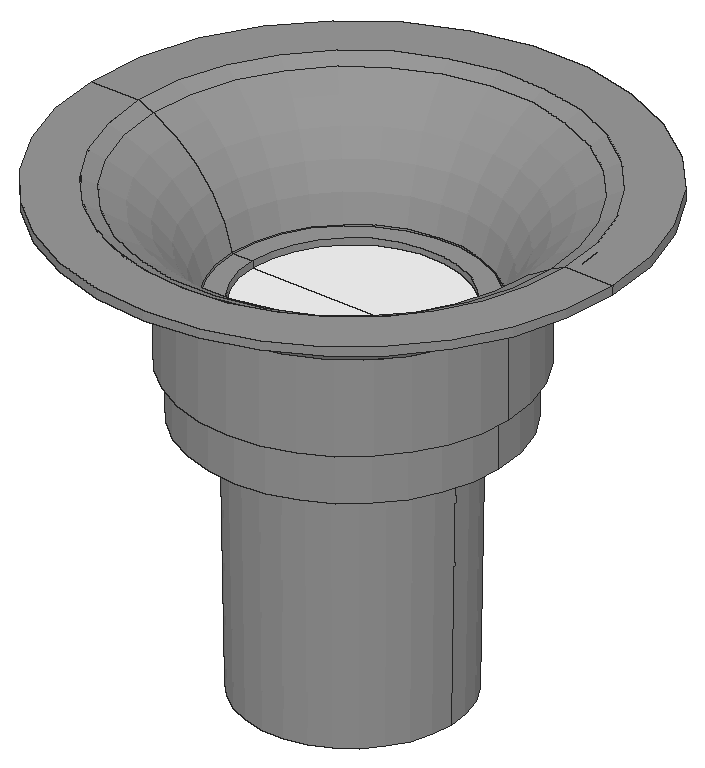
Revit family "0005314", category Lighting Fixtures, host Face, Revit 2017
Family settings
  Host = Face
  Round Connector Dimension = Use Diameter
  Part Type = Normal
  OmniClass Number = 23.80.70.00
  OmniClass Title = Lighting
  Cut with Voids When Loaded = No
  Light Source = No
  Shared = No
  Room Calculation Point = No
Parameters (values of type "0005314+0005306 Ludospot 50 Hous Rnd Deco 110 Tilt WHT + Ludospot 50 940lm 940 WB DIM")
  Weight = "n/a"
  Wattage Comments = ""
  WarrantyStartDate [instance] = "n/a"
  WarrantyGuarantorParts = "n/a"
  WarrantyDurationUnit = "n/a"
  WarrantyDurationParts = "n/a"
  WarrantyDescription = "n/a"
  WallThickness_SYL = 2 mm
  Voltage = 0 V
  VerticalRotation_SYL [instance] = 0.00°
  URL = "http://www.sylvania-lighting.com"
  TypeName = "Ludospot 50 Hous Rnd 90 Fixed IP44 WHT + Ludospot 50 940lm 940 WB DIM"
  TypeLamp_SYL = Ludospot 50 Modules : 0005306 Ludospot 50 940lm 940 WB DIM
  Type Image = <None>
  Type Comments = "n/a"
  TrimWidth_SYL = 55 mm
  TrimHeight_SYL = 1.8 mm
  SerialNumber [instance] = "n/a"
  RecessWidth_SYL = 45 mm
  RecessDepth_SYL = 100 mm
  RadiusReflector_SYL = 30.046 mm
  Material_3_SYL = none
  PowerFactor = 0
  PowerConsumption = "n/a"
  NominalLength = 110 mm
  NominalHeight = 0 mm
  NominalDepth = 110 mm
  Name = "Ludospot 50 Hous Rnd 90 Fixed IP44 WHT + Ludospot 50 940lm 940 WB DIM"
  ModelReference = Name  # "Ludospot 50 Hous Rnd 90 Fixed IP44 WHT + Ludospot 50 940lm 940 WB DIM"
  ModelNumber = "0005314+0005306"
  Model = Name  # "Ludospot 50 Hous Rnd 90 Fixed IP44 WHT + Ludospot 50 940lm 940 WB DIM"
  Material = "aluminium housing"
  ManufacturerName = "Feilo Sylvania"
  Manufacturer = "Feilo Sylvania"
  LuminousEfficacy = "78 lm/W"
  LuminaireType = ""
  LightOutputRatio = "n/a"
  LampsType = Lamp  # "LED"
  LampNominalLuminous = "940 lm"
  LampMacAdamStep = "3"
  LampColourTemperature = "4000 K"
  LampColourRenderingIndex = "90"
  Lamp = "LED"
  Keynote = "16500"
  InstallationDate [instance] = "n/a"
  InputVoltage = "220-240 V AC"
  InputNominalFrequency = "50/60 HZ"
  IngressProtection = "IP20"
  ImpactProtectionIndex = "IK03"
  IfcExportType = "IfcLightFixtureType"
  IfcExportAs = "IfcLightFixtureType"
  HorizontalRotation_SYL [instance] = 0.00°
  EndAngleH_SYL [instance] = HorizontalRotation_SYL + 180.00°  # 180.00°
  ElectricShockClassification = "Class II"
  DocumentationLiterature = "http://www.sylvania-lighting.com/product/en-int/products/0005314"
  DimmingControlOptions = "n/a"
  Material_2_SYL = none
  Description = ""
  Default Elevation = 1219.2 mm
  CreatedOn = "7/29/2019"
  CreatedBy = "@sylvania-lighting.com"
  Cost = 0
  built-in parameter 1114216 [instance] = (empty or 0)
  ClassificationValue = "EF_70_80"
  ClassificationName = "Uniclass2015"
  Material_1_SYL = PC/ABS Plastic
  CircularCutOutDia_SYL = 38.5 mm
  BarCode [instance] = "n/a"
  AssetType = "Fixed"
  AssetIdentifier [instance] = "n/a"
  Assembly Code = "D5020200"
  Apparent Load = 0 VA
  Material_4_SYL = none
Types (6, lengths in mm): name | TypeName | TypeLamp_SYL | Name | ModelReference | ModelNumber | Model | LuminousEfficacy | LampNominalLuminous | LampColourTemperature
  0005314+0005306 Ludospot 50 Hous Rnd Deco 110 Tilt WHT + Ludospot 50 940lm 940 WB DIM | "Ludospot 50 Hous Rnd 90 Fixed IP44 WHT + Ludospot 50 940lm 940 WB DIM" | Ludospot 50 Modules : 0005306 Ludospot 50 940lm 940 WB DIM | "Ludospot 50 Hous Rnd 90 Fixed IP44 WHT + Ludospot 50 940lm 940 WB DIM" | "Ludospot 50 Hous Rnd 90 Fixed IP44 WHT + Ludospot 50 940lm 940 WB DIM" | "0005314+0005306" | "Ludospot 50 Hous Rnd 90 Fixed IP44 WHT + Ludospot 50 940lm 940 WB DIM" | "78 lm/W" | "940 lm" | "4000 K"
  0005314+0005305 Ludospot 50 Hous Rnd Deco 110 Tilt WHT + Ludospot 50 920lm 930 WB DIM | "Ludospot 50 Hous Rnd 90 Fixed IP44 WHT + Ludospot 50 920lm 930 WB DIM" | Ludospot 50 Modules : 0005305 Ludospot 50 920lm 940 WB DIM | "Ludospot 50 Hous Rnd 90 Fixed IP44 WHT + Ludospot 50 920lm 930 WB DIM" | "Ludospot 50 Hous Rnd 90 Fixed IP44 WHT + Ludospot 50 920lm 930 WB DIM" | "0005314+0005305" | "Ludospot 50 Hous Rnd 90 Fixed IP44 WHT + Ludospot 50 920lm 930 WB DIM" | "77 lm/W" | "920 lm" | "3000 K"
  0005314+0005304 Ludospot 50 Hous Rnd Deco 110 Tilt WHT + Ludospot 50 1000lm 940 MB DIM | "Ludospot 50 Hous Rnd 90 Fixed IP44 WHT + Ludospot 50 1000lm 940 MB DIM" | Ludospot 50 Modules : 0005304 Ludospot 50 1000lm 940 MB DIM | "Ludospot 50 Hous Rnd 90 Fixed IP44 WHT + Ludospot 50 1000lm 940 MB DIM" | "Ludospot 50 Hous Rnd 90 Fixed IP44 WHT + Ludospot 50 1000lm 940 MB DIM" | "0005314+0005304" | "Ludospot 50 Hous Rnd 90 Fixed IP44 WHT + Ludospot 50 1000lm 940 MB DIM" | "83 lm/W" | "950 lm" | "4000 K"
  0005314+0005303 Ludospot 50 Hous Rnd Deco 110 Tilt WHT + Ludospot 50 950lm 930 MB DIM | "Ludospot 50 Hous Rnd 90 Fixed IP44 WHT + Ludospot 50 950lm 930 MB DIM" | Ludospot 50 Modules : 0005303 Ludospot 50 950lm 930 MB DIM | "Ludospot 50 Hous Rnd 90 Fixed IP44 WHT + Ludospot 50 950lm 930 MB DIM" | "Ludospot 50 Hous Rnd 90 Fixed IP44 WHT + Ludospot 50 950lm 930 MB DIM" | "0005314+0005303" | "Ludospot 50 Hous Rnd 90 Fixed IP44 WHT + Ludospot 50 950lm 930 MB DIM" | "80 lm/W" | "1000 lm" | "3000 K"
  0005314+0005302 Ludospot 50 Hous Rnd Deco 110 Tilt WHT + Ludospot 50 990lm 940 NB DIM | "Ludospot 50 Hous Rnd 90 Fixed IP44 WHT + Ludospot 50 990lm 940 NB DIM" | Ludospot 50 Modules : 0005302 Ludospot 50 990lm 930 NB DIM | "Ludospot 50 Hous Rnd 90 Fixed IP44 WHT + Ludospot 50 990lm 940 NB DIM" | "Ludospot 50 Hous Rnd 90 Fixed IP44 WHT + Ludospot 50 990lm 940 NB DIM" | "0005314+0005302" | "Ludospot 50 Hous Rnd 90 Fixed IP44 WHT + Ludospot 50 990lm 940 NB DIM" | "83 lm/W" | "990 lm" | "4000 K"
  0005314+0005301 Ludospot 50 Hous Rnd Deco 110 Tilt WHT + Ludospot 50 950lm 930 NB DIM | "Ludospot 50 Hous Rnd 90 Fixed IP44 WHT + Ludospot 50 950lm 930 NB DIM" | Ludospot 50 Modules : 0005301 Ludospot 50 950lm 930 NB DIM | "Ludospot 50 Hous Rnd 90 Fixed IP44 WHT + Ludospot 50 950lm 930 NB DIM" | "Ludospot 50 Hous Rnd 90 Fixed IP44 WHT + Ludospot 50 950lm 930 NB DIM" | "0005314+0005301" | "Ludospot 50 Hous Rnd 90 Fixed IP44 WHT + Ludospot 50 950lm 930 NB DIM" | "80 lm/W" | "950 lm" | "3000 K"
Reference planes
  plane 1 "Center (Front/Back)": y = 0
  plane 2: z = 0
  plane 3 "Center (Left/Right)": x = 0
  plane 4: z = -100
  plane 5: x = -55
  plane 6: z = 1.8
  plane 7: x = -45
  plane 8: z = 0.4
  plane 9: x = -42
  plane 10: z = -20.2
  plane 11: x = -25.4
  plane 12: z = -31.3
  plane 13: x = -33
  plane 14: z = -13
  plane 15: x = -31
  plane 16: z = -41.3
  plane 17: z = -34
Forms (mm)
  Extrusion 1, void
    sketch origin (0, 0, 0) x (1, 0, 0) y (0, 1, 0)
      loop
        circle (0, 0) r 45
    from 0 to -100
  Revolve 2, solid, material "PC/ABS Plastic" <- "Material_1_SYL"
    sketch origin (0, 0, 0) x (1, 0, 0) y (0, 0, 1)
      loop
        line (-55, 1.8) -> (-55, 0) -> (-45, 0) -> (-33, -13) -> (-33, -31.3) -> (-31, -31.3) -> (-31, -41.3) -> (-25.4, -41.3) -> (-25.4, -20.2)
        arc (-25.4, -20.2) -> (-31.311, -7.975) -> (-42, 0.4) r 30.046
        line (-42, 0.4) -> (-45, 1.8) -> (-55, 1.8)
      axis (0, 1.8) -> (0, -41.3)
    angle from 360 to 0
  Revolve 3, solid, not visible
    sketch origin (0, 0, 0) x (1, 0, 0) y (0, 0, 1)
      loop
        line (0, -34) -> (-5, -34) -> (-5, -44) -> (0, -44) -> (0, -34)
      axis (0, -34) -> (0, -44)
    angle from 0 <- "HorizontalRotation_SYL" to 180 <- "EndAngleH_SYL"
Lines and regions (mm)
  reference lines
    curve 1: circle (0, 0, 0) r 45 normal (0, 0, -1)
Dimensions and locks
  "RecessDepth_SYL": plane 2 to plane 4
  equal spacing: host sketch curve, plane 1 "Center (Front/Back)", host sketch curve
  equal spacing: host sketch curve, plane 3 "Center (Left/Right)", host sketch curve
  "TrimHeight_SYL": plane 6 to plane 2
  "TrimWidth_SYL": plane 3 "Center (Left/Right)" to plane 5
  locked: plane 3 "Center (Left/Right)" to plane 7 at 45
  locked: plane 6 to plane 8 at 1.4
  locked: plane 3 "Center (Left/Right)" to plane 9 at 42
  locked: plane 6 to plane 10 at 22
  locked: plane 3 "Center (Left/Right)" to plane 11 at 25.4
  locked: plane 6 to plane 12 at 33.1
  locked: plane 3 "Center (Left/Right)" to plane 13 at 33
  locked: plane 2 to plane 14 at 13
  locked: plane 3 "Center (Left/Right)" to plane 15 at 31
  locked: plane 12 to plane 16 at 10
  locked: plane 2 to plane 17 at 34
  "RecessWidth_SYL": radius of curve 1
  "RadiusReflector_SYL": radius of Revolve 2 sketch curve
  aligned and locked: plane 2 to host face
  aligned and locked: level to host face
  aligned and locked: level to Extrusion 1
  aligned and locked: plane 4 to Extrusion 1
  aligned and locked: plane 2 to Extrusion 1
  aligned and locked: plane 3 "Center (Left/Right)" to curve 1
  aligned and locked: plane 1 "Center (Front/Back)" to curve 1
  aligned and locked: Extrusion 1 sketch curve to curve 1
  aligned and locked: Revolve 2 sketch curve to plane 3 "Center (Left/Right)"
  aligned and locked: plane 5 to Revolve 2 sketch curve
  aligned and locked: plane 6 to Revolve 2 sketch curve
  aligned and locked: plane 8 to Revolve 2 sketch curve
  aligned and locked: plane 11 to Revolve 2 sketch curve
  aligned and locked: Revolve 2 sketch curve to level
  aligned and locked: plane 13 to Revolve 2 sketch curve
  aligned and locked: plane 14 to Revolve 2 sketch curve
  aligned and locked: plane 12 to Revolve 2 sketch curve
  aligned and locked: Revolve 2 sketch curve to plane 15
  aligned and locked: plane 16 to Revolve 2 sketch curve
  aligned and locked: Revolve 3 sketch curve to plane 3 "Center (Left/Right)"
  aligned and locked: Revolve 3 sketch curve to plane 17
  aligned and locked: plane 3 "Center (Left/Right)" to Revolve 3 sketch curve
Automatic sketch dimensions
  Revolve 3 sketch curve to Revolve 3 sketch curve = 5 mm
  plane 16 to Revolve 3 sketch curve = 2.7 mm
  plane 4 to Revolve 3 sketch curve = 509.6 mm
  Revolve 3 sketch curve to plane 6 = 2607.258 mm
  Revolve 2 sketch curve to plane 7 = 0 mm  (x2)
  Revolve 2 sketch curve to plane 9 = 0 mm
  plane 4 to Revolve 2 sketch curve = 509.6 mm
  Revolve 2 sketch curve to plane 6 = 2607.258 mm
Nested families
  nested 1: "VerticalRotation" at (0, 0, -20.2) x (-1, 0, 0) z (0, -1, 0), VerticalRotation_SYL <- "VerticalRotation_SYL", type "Type Name", not visible
    with VerticalRotation_SYL 0.00°, EndAngleV_SYL 180.00°
  nested 2: "Ludospot 50 Modules" at (0, 0, -20.2), type <- "TypeLamp_SYL", type "0005306 Ludospot 50 940lm 940 WB DIM"
    with WarrantyStartDate "n/a", SerialNumber "n/a", InstallationDate "n/a", built-in parameter 1114216 (empty or 0), BarCode "n/a", AssetIdentifier "n/a"
Definition of nested family "Ludospot 50 Modules"
  Parameters (values of type "0005305 Ludospot 50 920lm 940 WB DIM")
    Weight = ""
    Wattage Comments = ""
    Wattage = 12 W
    WarrantyStartDate [instance] = "n/a"
    WarrantyGuarantorParts = "n/a"
    WarrantyDurationUnit = "n/a"
    WarrantyDurationParts = "n/a"
    WarrantyDescription = "n/a"
    built-in parameter 1150110 = 1 (stored number, unit not read)
    Voltage = 220 V
    URL = "http://www.sylvania-lighting.com"
    TypeName = "Ludospot 50 920lm 940 WB DIM"
    Type Image = (empty or 0)
    Type Comments = "n/a"
    built-in parameter 1114217 = 1 (stored number, unit not read)
    Tilt Angle = -90.00°
    built-in parameter 1150109 = 1 (stored number, unit not read)
    built-in parameter 1150134 = (empty or 0)
    built-in parameter 1150113 = 1 (stored number, unit not read)
    SerialNumber [instance] = "n/a"
    Photometric Web File = "0005305.ies"
    Material_3_SYL = none
    PowerFactor = 0.9
    PowerConsumption = "12 W"
    NominalLength = 50 mm
    NominalHeight = 73 mm
    NominalDepth = 50 mm
    Name = "0005305 Ludospot 50 920lm 940 WB DIM"
    ModelReference = Name  # "0005305 Ludospot 50 920lm 940 WB DIM"
    ModelNumber = "0005305"
    Model = Name  # "0005305 Ludospot 50 920lm 940 WB DIM"
    Material = "aluminium housing"
    ManufacturerName = "Feilo Sylvania"
    Manufacturer = "Feilo Sylvania"
    LuminousEfficacy = "77 lm/W"
    built-in parameter 1150105 = 73.53 (stored number, unit not read)
    Lumens = 924 lm
    LuminaireType = ""
    built-in parameter 1150115 = 1 (stored number, unit not read)
    LightOutputRatio = ""
    built-in parameter 1150137 = (empty or 0)
    built-in parameter 1150139 = (empty or 0)
    LampsType = Lamp  # "LED"
    LampNominalLuminous = "920 lm"
    LampMacAdamStep = "3"
    LampColourTemperature = "3000 K"
    LampColourRenderingIndex = "90"
    built-in parameter 1150112 = 1 (stored number, unit not read)
    built-in parameter 1150114 = 1 (stored number, unit not read)
    Lamp = "LED"
    Keynote = "16500"
    InstallationDate [instance] = "n/a"
    InputVoltage = "220-240 V AC"
    InputNominalFrequency = "50/60 HZ"
    built-in parameter 1150132 = (empty or 0)
    built-in parameter 1150102 = (empty or 0)
    built-in parameter 1150107 = 3000 (stored number, unit not read)
    built-in parameter 1150138 = (empty or 0)
    IngressProtection = "IP44/20"
    ImpactProtectionIndex = "IK07"
    built-in parameter 1150106 = 0.7353 (stored number, unit not read)
    IfcExportType = "IfcLightFixtureType"
    IfcExportAs = "IfcLightFixtureType"
    Emit from Circle Diameter = 40 mm
    Emit Shape Visible in Rendering = no
    ElectricShockClassification = "Class II"
    built-in parameter 1150104 = 7.1535 (stored number, unit not read)
    DocumentationLiterature = "https://www.sylvania-lighting.com/product/en-int/products/0005305/"
    DimmingControlOptions = "Mains: leading / trailing edge"
    Material_2_SYL = none
    Dimming Lamp Color Temperature Shift = (empty or 0)
    Description = ""
    Default Elevation = 1219.2 mm
    CreatedOn = ""
    CreatedBy = ""
    Cost = 0
    Color Filter = 16777215
    built-in parameter 1114216 [instance] = (empty or 0)
    ClassificationValue = "EF_70_80"
    ClassificationName = "Uniclass2015"
    Material_1_SYL = none
    BarCode [instance] = "n/a"
    built-in parameter 1114218 = 1 (stored number, unit not read)
    built-in parameter 1150133 = 10 (stored number, unit not read)
    AssetType = ""
    AssetIdentifier [instance] = "n/a"
    Assembly Code = "D5020200"
    Apparent Load = 12 VA
    Material_4_SYL = none
  Types (6, lengths in mm): name | TypeName | built-in parameter 1150134 | Photometric Web File | Name | ModelReference | ModelNumber | Model | LuminousEfficacy | built-in parameter 1150105 | Lumens | LampNominalLuminous | LampColourTemperature | built-in parameter 1150107 | ImpactProtectionIndex | built-in parameter 1150106 | built-in parameter 1150104 | DocumentationLiterature
    0005305 Ludospot 50 920lm 940 WB DIM | "Ludospot 50 920lm 940 WB DIM" | (empty or 0) | "0005305.ies" | "0005305 Ludospot 50 920lm 940 WB DIM" | "0005305 Ludospot 50 920lm 940 WB DIM" | "0005305" | "0005305 Ludospot 50 920lm 940 WB DIM" | "77 lm/W" | 73.53 (stored number, unit not read) | 924 lm | "920 lm" | "3000 K" | 3000 (stored number, unit not read) | "IK07" | 0.7353 (stored number, unit not read) | 7.1535 (stored number, unit not read) | "https://www.sylvania-lighting.com/product/en-int/products/0005305/"
    0005304 Ludospot 50 1000lm 940 MB DIM | "Ludospot 50 1000lm 940 MB DIM" | 12 | "0005304.ies" | "0005304 Ludospot 50 1000lm 940 MB DIM" | "0005304 Ludospot 50 1000lm 940 MB DIM" | "0005304" | "0005304 Ludospot 50 1000lm 940 MB DIM" | "83 lm/W" | 79.259 (stored number, unit not read) | 996 lm | "950 lm" | "4000 K" | 4000 (stored number, unit not read) | "IK06" | 0.79259 (stored number, unit not read) | 7.711 (stored number, unit not read) | "https://www.sylvania-lighting.com/product/en-int/products/0005304/"
    0005303 Ludospot 50 950lm 930 MB DIM | "Ludospot 50 950lm 930 MB DIM" | (empty or 0) | "0005303.ies" | "0005303 Ludospot 50 950lm 930 MB DIM" | "0005303 Ludospot 50 950lm 930 MB DIM" | "0005303" | "0005303 Ludospot 50 950lm 930 MB DIM" | "80 lm/W" | 76.394 (stored number, unit not read) | 960 lm | "1000 lm" | "3000 K" | 3000 (stored number, unit not read) | "IK05" | 0.76394 (stored number, unit not read) | 7.4322 (stored number, unit not read) | "https://www.sylvania-lighting.com/product/en-int/products/0005303/"
    0005302 Ludospot 50 990lm 930 NB DIM | "Ludospot 50 990lm 930 NB DIM" | 12 | "0005302.ies" | "0005302 Ludospot 50 990lm 930 NB DIM" | "0005302 Ludospot 50 990lm 930 NB DIM" | "0005302" | "0005302 Ludospot 50 990lm 930 NB DIM" | "83 lm/W" | 79.259 (stored number, unit not read) | 996 lm | "990 lm" | "4000 K" | 4000 (stored number, unit not read) | "IK04" | 0.79259 (stored number, unit not read) | 7.711 (stored number, unit not read) | "https://www.sylvania-lighting.com/product/en-int/products/0005302/"
    0005301 Ludospot 50 950lm 930 NB DIM | "Ludospot 50 950lm 930 NB DIM" | (empty or 0) | "0005301.ies" | "0005301 Ludospot 50 950lm 930 NB DIM" | "0005301 Ludospot 50 950lm 930 NB DIM" | "0005301" | "0005301 Ludospot 50 950lm 930 NB DIM" | "80 lm/W" | 76.394 (stored number, unit not read) | 960 lm | "950 lm" | "3000 K" | 3000 (stored number, unit not read) | "IK03" | 0.76394 (stored number, unit not read) | 7.4322 (stored number, unit not read) | "https://www.sylvania-lighting.com/product/en-int/products/0005301/"
    0005306 Ludospot 50 940lm 940 WB DIM | "Ludospot 50 940lm 940 WB DIM" | 12 | "0005306.ies" | "0005306 Ludospot 50 940lm 940 WB DIM" | "0005306 Ludospot 50 940lm 940 WB DIM" | "0005306" | "0005306 Ludospot 50 940lm 940 WB DIM" | "78 lm/W" | 74.485 (stored number, unit not read) | 936 lm | "940 lm" | "4000 K" | 4000 (stored number, unit not read) | "IK08" | 0.74485 (stored number, unit not read) | 7.2464 (stored number, unit not read) | "https://www.sylvania-lighting.com/product/en-int/products/0005306/"
  Reference planes
    plane 1 "Center (Front/Back)": y = 0
    plane 2: z = 0
    plane 3 "Center (Left/Right)": x = 0
    plane 4: x = -25
    plane 5: z = -2.7
    plane 6: x = -23.6
    plane 7: z = -3.7
    plane 8: z = -12.7
    plane 9: z = -25.7
    plane 10: x = -22
    plane 11: z = -73
    plane 12: x = -21
    plane 13: z = -1.3
  Forms (mm)
    Extrusion 1, solid
      sketch origin (4.2, 0, 0) x (1, 0, 0) y (0, 1, 0)
        loop
          line (-1219.2, 1219.2) -> (-1219.2, -1219.2) -> (1219.2, -1219.2) -> (1219.2, 1219.2) -> (-1219.2, 1219.2)
      from 0 to -68.017
    Revolve 2, solid, material <- "Material_1_SYL"
      sketch origin (0, 0, 0) x (1, 0, 0) y (0, 0, 1)
        loop
          line (-25, 0) -> (-25, -2.7) -> (-23.6, -2.7) -> (-23.6, -3.7) -> (-22, -12.7) -> (-21, -73) -> (0, -73) -> (0, -1.3) -> (-21, -1.3) -> (-21, 0) -> (-25, 0)
        axis (0, 0) -> (0, -73)
      angle from 360 to 0
  Dimensions and locks
    locked: plane 3 "Center (Left/Right)" to plane 4 at 25
    locked: plane 3 "Center (Left/Right)" to plane 6 at 23.6
    locked: plane 7 to plane 8 at 9
    locked: plane 3 "Center (Left/Right)" to plane 10 at 22
    locked: plane 2 to plane 11 at 73
    locked: plane 3 "Center (Left/Right)" to plane 12 at 21
    plane 2 to plane 13 to plane 5 to plane 7 = 1.3 mm locked, 1.4 mm locked, 1 mm locked
    aligned and locked: plane 2 to Extrusion 1
    aligned and locked: level to Extrusion 1
    aligned and locked: Revolve 2 sketch curve to plane 4
    aligned and locked: plane 5 to Revolve 2 sketch curve
    aligned and locked: Revolve 2 sketch curve to plane 6
    aligned and locked: plane 8 to Revolve 2 sketch curve
    aligned and locked: plane 12 to Revolve 2 sketch curve  (x2)
    aligned and locked: plane 11 to Revolve 2 sketch curve
    aligned and locked: plane 3 "Center (Left/Right)" to Revolve 2 sketch curve
    aligned and locked: Revolve 2 sketch curve to level
    aligned and locked: plane 13 to Revolve 2 sketch curve  (x2)
    aligned and locked: Revolve 2 sketch curve to plane 12
    aligned and locked: level to imposter light
    aligned and locked: plane 3 "Center (Left/Right)" to imposter light
    aligned and locked: imposter light to plane 1 "Center (Front/Back)"
  Connectors
    electrical at (0, 0, -73), driven by "PowerFactor", driven by "Voltage", driven by "Apparent Load"
      settings: on Revolve 2, index 1, voltage 220 V, apparent load 12 VA, apparent load phase1 0 VA, apparent load phase2 0 VA, apparent load phase3 0 VA, power factor 0.9, load classification none, number of poles 1, system type 30, power factor state 1, is connector primary yes, connector utility no, sub classification motor no, connector description ""
Definition of nested family "VerticalRotation"
  Parameters (values of type "Type Name")
    VerticalRotation_SYL [instance] = -180.00°
    URL = "http://www.sylvania-lighting.com"
    Type Image = (empty or 0)
    Type Comments = "n/a"
    Material_3_SYL = none
    Model = ""
    Manufacturer = "Feilo Sylvania"
    Keynote = ""
    Material_2_SYL = none
    EndAngleV_SYL [instance] = VerticalRotation_SYL + 180.00°  # 0.00°
    Description = ""
    Default Elevation = 1219.2 mm
    Cost = 0
    Material_1_SYL = none
    Assembly Code = ""
    Material_4_SYL = none
  Reference planes
    plane 1 "Center (Front/Back)": y = 0
    plane 2: z = 0
    plane 3 "Center (Left/Right)": x = 0
    plane 4: x = -10
    plane 5: z = 10
    plane 6: z = -10
  Forms (mm)
    Extrusion 1, solid
      sketch origin (1119.2, -1119.2, 0) x (1, 0, 0) y (0, 1, 0)
        loop
          line (-1219.2, 1219.2) -> (-1219.2, 1019.2) -> (-1019.2, 1019.2) -> (-1019.2, 1219.2) -> (-1219.2, 1219.2)
      from 0 to -68.017
    Revolve 2, solid, not visible
      sketch origin (0, 0, 0) x (1, 0, 0) y (0, 0, 1)
        loop
          line (0, 10) -> (-10, 10) -> (-10, -10) -> (0, -10) -> (0, 10)
        axis (0, 10) -> (0, -10)
      angle from -180 <- "VerticalRotation_SYL" to 0 <- "EndAngleV_SYL"
  Dimensions and locks
    locked: plane 3 "Center (Left/Right)" to plane 4 at 10
    plane 5 to level to plane 6 = 10 mm locked, 10 mm locked
    aligned and locked: plane 2 to Extrusion 1
    aligned and locked: level to Extrusion 1
    aligned and locked: plane 5 to Revolve 2 sketch curve
    aligned and locked: plane 3 "Center (Left/Right)" to Revolve 2 sketch curve
    aligned and locked: Revolve 2 sketch curve to plane 6
    aligned and locked: Revolve 2 sketch curve to plane 4
    aligned and locked: Revolve 2 sketch curve to plane 3 "Center (Left/Right)"
